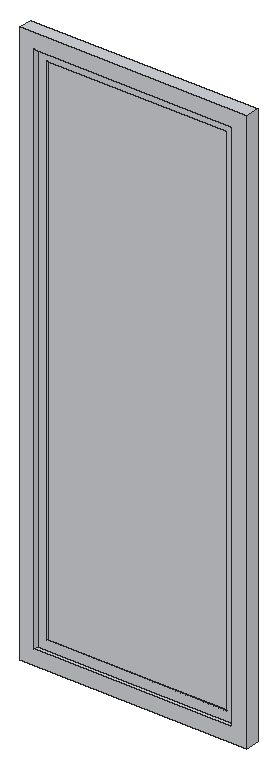
Revit family "Clarion Series", category Mechanical Equipment, Revit 2015
Parameters
  total width = 2' - 0"
  total height = 5' - 0"
  perforated panel = none
  Type Comments = "max size 32\" x unlimited height (120\" max section height)"
  Model = "Clarion Series Sunshade"
  Manufacturer = "United Enertech"
  Description = "Tube frame sunshade with 1/8\" thick perforated panel (3/16\" diameter holes on 1/4\" staggered centers) mounted inside the frame."
Reference planes (in)
  plane 1 "Center (Front/Back)": y = 0
  plane 2: z = 0
  plane 3 "Center (Left/Right)": x = 0
  plane 4: y = -2
  plane 5: z = -7.26631
  plane 6: z = 52.73369
  plane 7: x = -12
  plane 8: x = 12
  plane 9: y = -0.5
  plane 10: x = -10.5
  plane 11: y = -1.375
  plane 12: y = -1.125
  plane 13: x = 10.5
  plane 14: z = 51.23369
  plane 15: z = -5.76631
Forms (in)
  Extrusion 1, solid
    sketch origin (0, 0, 0) x (1, 0, 0) y (0, 1, 0)
      loop
        line (-12, -2) -> (-10.5, -2) -> (-10.5, -1.5) -> (-9.5, -1.5) -> (-9.5, -1.375) -> (-10.5, -1.375) -> (-10.5, -1.125) -> (-9.5, -1.125) -> (-9.5, -1) -> (-10.5, -1) -> (-10.5, -0.5) -> (-12, -0.5) -> (-12, -2)
      loop
        line (-11.8125, -1.8125) -> (-10.6875, -1.8125) -> (-10.6875, -0.6875) -> (-11.8125, -0.6875) -> (-11.8125, -1.8125)
    from -7.26631 to 52.73369
  Extrusion 2, solid
    sketch origin (0, 0, 0) x (-1, 0, 0) y (0, -1, 0)
      loop
        line (-12, 2) -> (-12, 0.5) -> (-10.5, 0.5) -> (-10.5, 1) -> (-9.5, 1) -> (-9.5, 1.125) -> (-10.5, 1.125) -> (-10.5, 1.375) -> (-9.5, 1.375) -> (-9.5, 1.5) -> (-10.5, 1.5) -> (-10.5, 2) -> (-12, 2)
      loop
        line (-11.8125, 1.8125) -> (-11.8125, 0.6875) -> (-10.6875, 0.6875) -> (-10.6875, 1.8125) -> (-11.8125, 1.8125)
    from -7.26631 to 52.73369
  Extrusion 3, solid
    sketch origin (0, 0, 0) x (0, 1, 0) y (0, 0, 1)
      loop
        line (-0.5, -7.26631) -> (-0.5, -5.76631) -> (-1, -5.76631) -> (-1, -4.76631) -> (-1.125, -4.76631) -> (-1.125, -5.76631) -> (-1.375, -5.76631) -> (-1.375, -4.76631) -> (-1.5, -4.76631) -> (-1.5, -5.76631) -> (-2, -5.76631) -> (-2, -7.26631) -> (-0.5, -7.26631)
      loop
        line (-0.6875, -7.07881) -> (-0.6875, -5.95381) -> (-1.8125, -5.95381) -> (-1.8125, -7.07881) -> (-0.6875, -7.07881)
    from -12 to 12
  Extrusion 4, solid
    sketch origin (0, 0, 45.46737) x (0, 1, 0) y (0, 0, 1)
      loop
        line (-0.5, 7.26631) -> (-2, 7.26631) -> (-2, 5.76631) -> (-1.5, 5.76631) -> (-1.5, 4.76631) -> (-1.375, 4.76631) -> (-1.375, 5.76631) -> (-1.125, 5.76631) -> (-1.125, 4.76631) -> (-1, 4.76631) -> (-1, 5.76631) -> (-0.5, 5.76631) -> (-0.5, 7.26631)
      loop
        line (-0.6875, 7.07881) -> (-1.8125, 7.07881) -> (-1.8125, 5.95381) -> (-0.6875, 5.95381) -> (-0.6875, 7.07881)
    from -12 to 12
  Extrusion 5, solid
    sketch origin (0, 0, 0) x (1, 0, 0) y (0, 1, 0)
      loop
        line (-10.5, -1.125) -> (-10.5, -1.375) -> (10.5, -1.375) -> (10.5, -1.125) -> (-10.5, -1.125)
    from 51.23369 to -5.76631
Cuts and joins
  joined: Extrusion 1, Extrusion 2, Extrusion 3, Extrusion 4, Extrusion 5
Dimensions and locks (in)
  "total height": plane 6 to plane 5
  equal spacing: plane 7, plane 3 "Center (Left/Right)", plane 8
  "total width": plane 7 to plane 8
  locked: plane 9 to plane 4 at 1.5
  locked: plane 11 to plane 12 at 0.25
  locked: plane 7 to plane 10 at 1.5
  locked: plane 13 to plane 8 at 1.5
  locked: plane 14 to plane 6 at 1.5
  locked: plane 15 to plane 5 at 1.5
  aligned and locked: level to plane 2
  aligned and locked: Extrusion 1 to plane 5
  aligned and locked: plane 6 to Extrusion 1
  aligned and locked: Extrusion 2 to plane 4
  aligned and locked: Extrusion 2 to plane 8
  aligned and locked: Extrusion 2 to plane 9
  aligned and locked: Extrusion 2 to plane 5
  aligned and locked: plane 6 to Extrusion 2
  aligned and locked: plane 7 to Extrusion 3
  aligned and locked: Extrusion 3 to plane 8
  aligned and locked: plane 6 to Extrusion 4
  aligned and locked: Extrusion 4 to plane 8
  aligned and locked: plane 7 to Extrusion 4
  aligned and locked: plane 12 to Extrusion 5 sketch curve
  aligned and locked: plane 13 to Extrusion 5 sketch curve
  aligned and locked: Extrusion 5 sketch curve to plane 11
  aligned and locked: plane 10 to Extrusion 5 sketch curve
  aligned and locked: Extrusion 5 to plane 14
  aligned and locked: Extrusion 5 to plane 15
Automatic sketch dimensions
  Extrusion 1 sketch curve to plane 4 = 0' - 0"
  Extrusion 1 sketch curve to plane 7 = 0' - 0"
  plane 9 to Extrusion 1 sketch curve = 0' - 0"
  Extrusion 1 sketch curve to plane 7 = 0' - 0 3/16"
  plane 4 to Extrusion 1 sketch curve = 0' - 0 3/16"
  Extrusion 1 sketch curve to Extrusion 1 sketch curve = 0' - 1 1/8"
  Extrusion 1 sketch curve to Extrusion 1 sketch curve = 0' - 0 3/16"  (x2)
  Extrusion 1 sketch curve to Extrusion 1 sketch curve = 0' - 0"  (x2)
  Extrusion 1 sketch curve to Extrusion 1 sketch curve = 0' - 1"
  plane 4 to Extrusion 1 sketch curve = 0' - 0 1/2"
  Extrusion 1 sketch curve to Extrusion 1 sketch curve = 0' - 0 1/8"  (x2)
  Extrusion 1 sketch curve to Extrusion 1 sketch curve = 0' - 0 1/4"
  plane 9 to Extrusion 1 sketch curve = 0' - 0 3/16"
  Extrusion 2 sketch curve to plane 4 = 0' - 0"
  Extrusion 2 sketch curve to plane 8 = 0' - 0"
  plane 9 to Extrusion 2 sketch curve = 0' - 0"
  Extrusion 2 sketch curve to plane 8 = 0' - 0 3/16"
  Extrusion 2 sketch curve to plane 4 = 0' - 0 3/16"
  Extrusion 2 sketch curve to Extrusion 2 sketch curve = 0' - 1 1/8"
  Extrusion 2 sketch curve to Extrusion 2 sketch curve = 0' - 0 3/16"  (x2)
  Extrusion 2 sketch curve to Extrusion 2 sketch curve = 0' - 0"  (x2)
  Extrusion 2 sketch curve to Extrusion 2 sketch curve = 0' - 1"
  Extrusion 2 sketch curve to plane 4 = 0' - 0 1/2"
  Extrusion 2 sketch curve to Extrusion 2 sketch curve = 0' - 0 1/8"  (x2)
  Extrusion 2 sketch curve to Extrusion 2 sketch curve = 0' - 0 1/4"
  Extrusion 2 sketch curve to plane 9 = 0' - 0 3/16"
  Extrusion 3 sketch curve to plane 4 = 0' - 0"
  Extrusion 3 sketch curve to plane 5 = 0' - 0"
  Extrusion 3 sketch curve to plane 9 = 0' - 0"
  plane 4 to Extrusion 3 sketch curve = 0' - 0 3/16"
  Extrusion 3 sketch curve to Extrusion 3 sketch curve = 0' - 0 5/16"
  Extrusion 3 sketch curve to Extrusion 3 sketch curve = 0' - 0 1/8"  (x2)
  Extrusion 3 sketch curve to Extrusion 3 sketch curve = 0' - 0 1/4"
  plane 9 to Extrusion 3 sketch curve = 0' - 0 3/16"
  plane 5 to Extrusion 3 sketch curve = 0' - 0 3/16"
  Extrusion 3 sketch curve to Extrusion 3 sketch curve = 0' - 0"  (x2)
  Extrusion 4 sketch curve to plane 4 = 0' - 0"
  Extrusion 4 sketch curve to plane 6 = 0' - 0"
  Extrusion 4 sketch curve to plane 9 = 0' - 0"
  Extrusion 4 sketch curve to plane 4 = 0' - 0 3/16"
  Extrusion 4 sketch curve to Extrusion 4 sketch curve = 0' - 0 5/16"
  Extrusion 4 sketch curve to Extrusion 4 sketch curve = 0' - 0 1/8"  (x2)
  Extrusion 4 sketch curve to Extrusion 4 sketch curve = 0' - 0 1/4"
  Extrusion 4 sketch curve to plane 9 = 0' - 0 3/16"
  plane 6 to Extrusion 4 sketch curve = 0' - 0 3/16"
  Extrusion 4 sketch curve to Extrusion 4 sketch curve = 0' - 1"
  Extrusion 4 sketch curve to Extrusion 4 sketch curve = 0' - 0"  (x2)
  Extrusion 4 sketch curve to Extrusion 4 sketch curve = 0' - 1 1/8"
  Extrusion 4 sketch curve to Extrusion 4 sketch curve = 0' - 0 3/16"  (x2)
  Extrusion 3 sketch curve to Extrusion 3 sketch curve = 0' - 1 1/8"
  Extrusion 3 sketch curve to Extrusion 3 sketch curve = 0' - 0 3/16"  (x2)
  Extrusion 3 sketch curve to Extrusion 3 sketch curve = 0' - 1"
